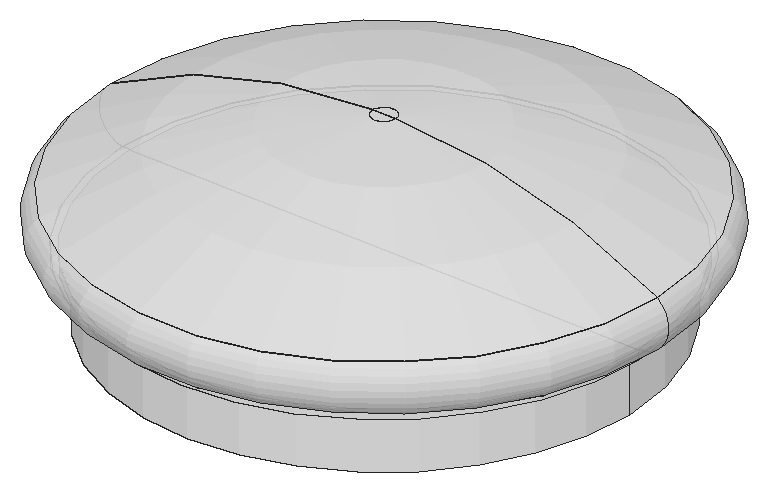
Revit family "0043261 Sylvania Lighting Fixture SYLCIRCLE 12W 4000K", category Lighting Fixtures, host Face, Revit 2016
Family settings
  Host = Face
  Part Type = Normal
  Round Connector Dimension = Use Diameter
  OmniClass Number = 23.80.70.11.17
  OmniClass Title = Specialized Lighting by Location or Use
  Cut with Voids When Loaded = No
  Light Source = Yes
  Shared = No
  Room Calculation Point = No
Parameters (values of type "0043261 SYLCIRCLE 12W 4000K")
  Weight = "2.082 kg"
  WarrantyStartDate [instance] = "n/a"
  WarrantyGuarantorParts = "n/a"
  WarrantyDurationUnit = "n/a"
  WarrantyDurationParts = "n/a"
  WarrantyDescription = "n/a"
  Voltage = 230 V
  TypeName = "SYLCIRCLE 12W 4000K"
  SerialNumber [instance] = "n/a"
  Radius_FEILO = 125.0 mm
  Wattage = 12 W
  built-in parameter 1150110 = 1 (stored number, unit not read)
  URL = "http://www.sylvania-lighting.com"
  built-in parameter 1114217 = 1 (stored number, unit not read)
  Tilt Angle = -90°
  built-in parameter 1150109 = 1 (stored number, unit not read)
  built-in parameter 1150134 = 12
  built-in parameter 1150113 = 1 (stored number, unit not read)
  PowerFactor = 0.8
  PowerConsumption = "12 W"
  Photometric Web File = "0043261.ies"
  NominalWidth = 0.0 mm
  NominalLength = 250.0 mm
  NominalHeight = 80.0 mm
  Name = "SYLCIRCLE 12W 4000K"
  ModelReference = "SYLCIRCLE 12W 4000K"
  ModelNumber = "0043261"
  Material_4_FEILO = none
  Material_3_FEILO = Polycarbonate_Sylvania_Sylcircle_Opal
  Material_2_FEILO = Metal_Sylvania_Sylcircle_White
  Material_1_FEILO = none
  Material = "aluminium housing, polycarbonate diffuser"
  ManufacturerName = "Feilo Sylvania"
  LuminousEfficacy = "86 lm/W"
  LuminaireType = ""
  LightOutputRatio = "n/a"
  LampsType = Lamp  # "LED"
  LampNominalLuminous = "1030 lm"
  LampMacAdamStep = "6"
  LampColourTemperature = "4000 K"
  LampColourRenderingIndex = "80"
  Keynote = "16500"
  InstallationDate [instance] = "n/a"
  InputVoltage = "220-240V~"
  InputNominalFrequency = "50 Hz"
  IngressProtection = "IP44"
  ImpactProtectionIndex = "IK03"
  IfcExportType = "IfcLightFixtureType"
  IfcExportAs = "IfcLightFixtureType"
  Height_FEILO = 80.0 mm
  ExpectedLife = 50000
  ElectricShockClassification = "Class I"
  DurationUnit = "hours"
  DocumentationLiterature = "http://www.sylvania-lighting.com/product/en-int/products/0043261"
  DimmingControlOptions = "Non dimmable"
  Diameter_FEILO = 2 * Radius_FEILO  # 250.0 mm
  CreatedOn = "5/25/2018"
  CreatedBy = "aron.fodor@sylvania-lighting.com"
  built-in parameter 1114216 [instance] = 1 (stored number, unit not read)
  Model = "SYLCIRCLE 12W 4000K"
  Manufacturer = "Feilo Sylvania"
  built-in parameter 1150105 = 234.04 (stored number, unit not read)
  Lumens = 1032 lm
  built-in parameter 1150115 = 1 (stored number, unit not read)
  built-in parameter 1150137 = (empty or 0)
  built-in parameter 1150139 = (empty or 0)
  built-in parameter 1150112 = 1 (stored number, unit not read)
  built-in parameter 1150114 = 1 (stored number, unit not read)
  Lamp = "LED"
  built-in parameter 1150132 = 2
  built-in parameter 1150102 = (empty or 0)
  built-in parameter 1150107 = 4000 (stored number, unit not read)
  built-in parameter 1150138 = (empty or 0)
  built-in parameter 1150106 = 2.3404 (stored number, unit not read)
  built-in parameter 1150104 = 7.9897 (stored number, unit not read)
  Dimming Lamp Color Temperature Shift = <None>
  Description = "Ceiling / wall luminaire with integrated LED  Perfect solution for hallways, circulation spaces or foyer.   Even and uniform light distribution with a halo lighting effect on the wall surface    12W 1030 lumens Supplied with LED driver (non-dimmable)    IK03 PMMA diffuser   Low maintenance with 30,000 hours LED life expectancy"
  Default Elevation = 0.0 mm
  Color Filter = 16777215
  built-in parameter 1140040 [instance] = 1
  BarCode [instance] = "n/a"
  built-in parameter 1114218 = 1 (stored number, unit not read)
  built-in parameter 1150133 = 10 (stored number, unit not read)
  AssetType = "Fixed"
  AssetIdentifier [instance] = "n/a"
  Assembly Code = "D5020200"
  Apparent Load = 12 VA
Reference planes
  plane 1 "Center (Front/Back)": y = 0
  plane 2: z = 0
  plane 3 "Center (Left/Right)": x = 0
  plane 4: x = 125
  plane 5: z = 23
  plane 6 "Housing Bottom": z = 27
  plane 7: z = 50
  plane 8 "Fixture Bottom": z = 80
  plane 9: x = 120
  plane 10: x = 115
  plane 11: x = 112
  plane 12: x = 108
Forms (mm)
  Revolve 1, solid, material "Polycarbonate_Sylvania_Sylcircle_Opal" <- "Material_3_FEILO", detail levels fine
    sketch origin (0, 0, 0) x (1, 0, 0) y (0, 0, 1)
      loop
        line (0, 80) -> (0, 27) -> (114.962, 27)
        arc (114.962, 27) -> (124.736, 36.911) -> (120, 50) r 13.044
        arc (120, 50) -> (64.424, 72.377) -> (5, 80) r 235.417
        line (5, 80) -> (0, 80)
      axis (0, 80) -> (0, 27)
    angle from 0 to 360
  Revolve 2, solid, material "Metal_Sylvania_Sylcircle_White" <- "Material_2_FEILO", detail levels fine
    sketch origin (0, 0, 0) x (1, 0, 0) y (0, 0, 1)
      loop
        line (112, 27) -> (0, 27) -> (0, 0) -> (108, 0) -> (108, 23) -> (112, 23) -> (112, 27)
      axis (0, 27) -> (0, 0)
    angle from 0 to 360
  Revolve 3, solid, material "Metal_Sylvania_Sylcircle_White" <- "Material_2_FEILO", detail levels coarse+medium
    sketch origin (0, 0, 0) x (1, 0, 0) y (0, 0, 1)
      loop
        line (0, 80) -> (0, 0) -> (108, 0) -> (108, 23) -> (112, 23) -> (112, 27) -> (114.962, 27)
        arc (114.962, 27) -> (124.736, 36.911) -> (120, 50) r 13.044
        arc (120, 50) -> (64.424, 72.377) -> (5, 80) r 235.417
        line (5, 80) -> (0, 80)
      axis (0, 80) -> (0, 0)
    angle from 0 to 360
Dimensions and locks
  "Height_FEILO": plane 8 "Fixture Bottom" to plane 2
  "Radius_FEILO": plane 4 to plane 3 "Center (Left/Right)"
  plane 6 "Housing Bottom" to plane 5 to plane 2 = 4.0 mm locked, 23.0 mm locked
  plane 4 to plane 9 to plane 10 to plane 11 to plane 12 = 5.0 mm locked, 5.0 mm locked, 3.0 mm locked, 4.0 mm locked
  aligned and locked: plane 2 to host face
  aligned and locked: level to host face
  aligned and locked: plane 1 "Center (Front/Back)" to imposter light
  aligned and locked: plane 3 "Center (Left/Right)" to imposter light
  aligned and locked: Revolve 1 sketch curve to plane 3 "Center (Left/Right)"
  aligned and locked: plane 6 "Housing Bottom" to Revolve 1 sketch curve  (x2)
  aligned and locked: Revolve 1 sketch curve to plane 8 "Fixture Bottom"
  aligned and locked: plane 9 to Revolve 1 sketch curve
  aligned and locked: Revolve 2 sketch curve to plane 6 "Housing Bottom"
  aligned and locked: Revolve 2 sketch curve to plane 11
  aligned and locked: Revolve 2 sketch curve to plane 5
  aligned and locked: Revolve 2 sketch curve to plane 12
  aligned and locked: Revolve 2 sketch curve to plane 2
  aligned and locked: Revolve 2 sketch curve to plane 3 "Center (Left/Right)"  (x2)
  aligned and locked: plane 8 "Fixture Bottom" to imposter light
  aligned and locked: plane 9 to Revolve 3 sketch curve
  aligned and locked: plane 6 "Housing Bottom" to Revolve 3 sketch curve
  aligned and locked: plane 7 to Revolve 3 sketch curve
  aligned and locked: Revolve 3 sketch curve to imposter light
  aligned and locked: Revolve 3 sketch curve to plane 11
  aligned and locked: Revolve 3 sketch curve to plane 2
  aligned and locked: Revolve 3 sketch curve to plane 5
  aligned and locked: Revolve 3 sketch curve to plane 12
Automatic sketch dimensions
  host sketch curve to host sketch curve = 1305.563 mm
  host sketch curve to host sketch curve = 1283.632 mm
  Revolve 1 sketch curve to plane 3 "Center (Left/Right)" = 0.0 mm
  Revolve 1 sketch curve to plane 7 = 0.0 mm
  Revolve 1 sketch curve to plane 10 = 0.038 mm
  plane 3 "Center (Left/Right)" to Revolve 1 sketch curve = 5.0 mm
  Revolve 1 sketch curve to plane 10 = 3.007 mm
  Revolve 1 sketch curve to Revolve 1 sketch curve = 234.06 mm
  Revolve 1 sketch curve to Revolve 1 sketch curve = 2559.943 mm
  Revolve 2 sketch curve to level = 372.274 mm
  plane 8 "Fixture Bottom" to Revolve 2 sketch curve = 2559.943 mm
  Revolve 3 sketch curve to plane 3 "Center (Left/Right)" = 0.0 mm  (x2)
  plane 3 "Center (Left/Right)" to Revolve 3 sketch curve = 5.0 mm
  Revolve 3 sketch curve to plane 10 = 0.038 mm
  Revolve 3 sketch curve to plane 11 = 0.007 mm
  Revolve 3 sketch curve to Revolve 3 sketch curve = 234.06 mm
  Revolve 3 sketch curve to Revolve 3 sketch curve = 2559.943 mm
Connectors
  electrical at (0, 0, 0), driven by "Apparent Load", driven by "Voltage", driven by "PowerFactor"
    settings: on Revolve 2, index 1, voltage 230 V, apparent load 0 VA, apparent load phase1 12 VA, apparent load phase2 0 VA, apparent load phase3 0 VA, power factor 0.8, load classification "Lighting", number of poles 1, system type 31, power factor state 1, is connector primary yes, connector utility no, sub classification motor no, connector description ""
